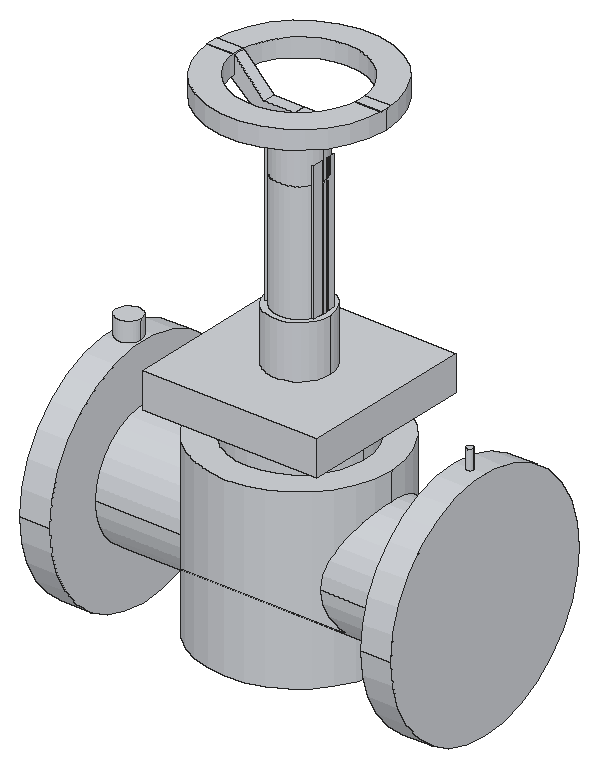
Revit family "Sigma_Compact_DN200-LF_PN16_RFA_2019", category Pipe Accessories, Revit 2019
Family settings
  Round Connector Dimension = Use Diameter
  Part Type = Valve - Breaks Into
  Work Plane-Based = No
  Always vertical = Yes
  Cut with Voids When Loaded = No
  Shared = No
Parameters (values of type "Sigma Compact DN 200 LF PN16")
  magiProductId = "bd9983fcf82240be8b5626661ef83b"
  magiProductFamilyId = "111bdfd32e424cd9a1e5f1ca7ea2b6"
  magiPartTypeId = 304
  isMeasuringValve [instance] = no
  ang2D [instance] = 0.00°
  W2D = 50 mm
  VersionID = "2.0/2018.12.13.2/FRESE_SIGMA_C_BIG_Q13_001"
  Use Minimum Symbol Size [instance] = no
  URL = "www.hydronix.cz"
  Type Comments = "přírubový; PN16; max dp=800kPa; 0~+110°C; max uzavírací tlak 1MPa"
  R4 = 105 mm
  R3 = 98.8 mm
  R1 = 150 mm
  QmdConnectorList = "301;D;302;D"
  Productdata [instance] = ""
  Manufacturer = "Hydronix"
  Maintenance Zone Under Depth [instance] = 100 mm
  Maintenance Zone Right Depth [instance] = 100 mm
  Maintenance Zone Over Depth [instance] = 100 mm
  Maintenance Zone Left Depth [instance] = 100 mm
  Maintenance Zone Front Depth [instance] = 100 mm
  Maintenance Zone Back Depth [instance] = 100 mm
  Maintenance Zone Front Visibility [instance] = no
  MC Use Limits From Balancing Method = no
  MC Throttling Minimum Value = 0
  MC Throttling Maximum Value = 0
  MC Product Code = "53-2406 DN200; PN16; (95000-210000 l/h); kvs=371"
  MC Pressure Drop Minimum Value = 0.0 Pa
  MC Pressure Drop Maximum Value = 0.0 Pa
  MC Piping Given Pressure Drop [instance] = 0.0 Pa
  LF__ve = -LF  # -48 mm
  LF2 = 24 mm
  LF = 48 mm
  L432 = 49.35 mm
  L43 = 98.7 mm
  L42 = 141 mm
  L4 = 282 mm
  L3 = 504 mm
  L2D_Min = 30.48 mm
  L2D = 230 mm
  L2 = 300 mm
  HH12 = 29.5 mm
  HH1 = 59 mm
  HDF__ve = -HDF  # -334 mm
  HDF = 334 mm
  H6 = 85 mm
  H4 = 57 mm
  H3 = 47.5 mm
  H2 = 142.5 mm
  H11 = 285 mm
  H1 = 853 mm
  H = 714 mm
  Description = "Automatický vyvažovací ventil"
  DF2 = 190 mm
  D = 200 mm
  Clearance Zone Height Depth [instance] = 100 mm
  Clearance Zone Circular Radius [instance] = 300 mm
  Clearance Zone Visibility [instance] = no
  CAT0 = yes
Types (9, lengths in mm): name | magiProductId | Type Comments | R4 | R3 | R1 | MC Product Code | LF__ve | LF2 | LF | L432 | L43 | L42 | L4 | L3 | L2 | HH12 | HH1 | HDF__ve | HDF | H4 | H3 | H2 | H11 | H1 | H | DF2 | D | Clearance Zone Circular Radius
  Sigma Compact DN 050 LF PN16 | "7ce002c265594233b83d195dc264f1" | "přírubový; PN16; max dp=800kPa; 0~+120°C; max uzavírací tlak 1MPa" | 40.25 | 42.9 | 57.5 | "53-2400 DN50; PN16; (2480-15000 l/h); kvs=34" | -18.4 | 9.2 | 18.4 | 18.917 | 37.835 | 54.05 | 108.1 | 193.2 | 115 | 16.5 | 33 | -202 | 202 | 24.75 | 20.625 | 61.875 | 123.75 | 480 | 367 | 82.5 | 50 | 115
  Sigma Compact DN 065 LF PN16 | "7b440009bc83499eb1c9a6fd3b4fee" | "přírubový; PN16; max dp=800kPa; 0~+120°C; max uzavírací tlak 1MPa" | 50.75 | 48.1 | 72.5 | "53-2401 DN65; PN16; (4380-25000 l/h); kvs=50" | -23.2 | 11.6 | 23.2 | 23.853 | 47.705 | 68.15 | 136.3 | 243.6 | 145 | 16.5 | 33 | -199 | 199 | 27.75 | 23.125 | 69.375 | 138.75 | 497 | 384 | 92.5 | 65 | 145
  Sigma Compact DN 080 LF PN16 | "c04670cd33374e61a046fccc79a79b" | "přírubový; PN16; max dp=800kPa; 0~+120°C; max uzavírací tlak 1MPa" | 54.25 | 52 | 77.5 | "53-2402 DN80; PN16; (5340-34000 l/h); kvs=68" | -24.8 | 12.4 | 24.8 | 25.497 | 50.995 | 72.85 | 145.7 | 260.4 | 155 | 16.5 | 33 | -213 | 213 | 30 | 25 | 75 | 150 | 526 | 413 | 100 | 80 | 155
  Sigma Compact DN 100 LF PN16 | "e9669c3b3cb042d39f52f9a3f8394b" | "přírubový; PN16; max dp=800kPa; 0~+120°C; max uzavírací tlak 1MPa" | 61.25 | 61.1 | 87.5 | "53-2403 DN100; PN16; (12100-68000 l/h); kvs=115" | -28 | 14 | 28 | 28.788 | 57.575 | 82.25 | 164.5 | 294 | 175 | 34 | 68 | -331 | 331 | 35.25 | 29.375 | 88.125 | 176.25 | 714 | 566 | 117.5 | 100 | 175
  Sigma Compact DN 125 LF PN16 | "72414964175c4f3999d5daaa67221e" | "přírubový; PN16; max dp=800kPa; 0~+120°C; max uzavírací tlak 1MPa" | 70 | 70.2 | 100 | "53-2404 DN125; PN16; (18500-110000 l/h); kvs=186" | -32 | 16 | 32 | 32.9 | 65.8 | 94 | 188 | 336 | 200 | 36.5 | 73 | -338 | 338 | 40.5 | 33.75 | 101.25 | 202.5 | 761 | 608 | 135 | 125 | 200
  Sigma Compact DN 150 LF PN16 | "cb5ac98de80a46389b4a96eb8539c2" | "přírubový; PN16; max dp=800kPa; 0~+110°C; max uzavírací tlak 1MPa" | 84 | 74.1 | 120 | "53-2405 DN150; PN16; (25600-148000 l/h); kvs=250" | -38.4 | 19.2 | 38.4 | 39.48 | 78.96 | 112.8 | 225.6 | 403.2 | 240 | 13 | 26 | -391 | 391 | 42.75 | 35.625 | 106.875 | 213.75 | 782 | 676 | 142.5 | 150 | 240
  Sigma Compact DN 200 LF PN16 | "bd9983fcf82240be8b5626661ef83b" | "přírubový; PN16; max dp=800kPa; 0~+110°C; max uzavírací tlak 1MPa" | 105 | 98.8 | 150 | "53-2406 DN200; PN16; (95000-210000 l/h); kvs=371" | -48 | 24 | 48 | 49.35 | 98.7 | 141 | 282 | 504 | 300 | 29.5 | 59 | -334 | 334 | 57 | 47.5 | 142.5 | 285 | 853 | 714 | 190 | 200 | 300
  Sigma Compact DN 250 LF PN16 | "6516628c9ce0481f89e5702e575104" | "přírubový; PN16; max dp=800kPa; 0~+110°C; max uzavírací tlak 1MPa" | 127.75 | 115.44 | 182.5 | "53-2407 DN250; PN16; (190000-475000 l/h); kvs=803" | -58.4 | 29.2 | 58.4 | 60.042 | 120.085 | 171.55 | 343.1 | 613.2 | 365 | 29 | 58 | -462 | 462 | 66.6 | 55.5 | 166.5 | 333 | 1044 | 906 | 222 | 250 | 365
  Sigma Compact DN 300 LF PN16 | "f16ecb3a8ad443e99405ecd1e4779a" | "přírubový; PN16; max dp=800kPa; 0~+110°C; max uzavírací tlak 1MPa" | 148.75 | 135.2 | 212.5 | "53-2408 DN300; PN16; (190000-475000 l/h); kvs=803" | -68 | 34 | 68 | 69.912 | 139.825 | 199.75 | 399.5 | 714 | 425 | 29 | 58 | -424 | 424 | 78 | 65 | 195 | 390 | 1082 | 944 | 260 | 300 | 425
Reference planes
  plane 1 "Center (Front/Back)": y = 0
  plane 2 "XYPLANE": z = 0
  plane 3 "Center (Left/Right)": x = 0
  plane 4 "298": y = -290
  plane 5 "297": y = 290
  plane 6 "296": y = -190
  plane 7 "295": y = 190
  plane 8 "294": z = -290
  plane 9 "293": z = 763
  plane 10 "292": x = -400
  plane 11 "291": x = 400
  plane 12 "290": z = 763
  plane 13 "256": y = -20
  plane 14 "254": z = 543.5
  plane 15 "253": z = 553.5
  plane 16 "252": x = -40
  plane 17 "251": x = -30
  plane 18 "250": x = 40
  plane 19 "249": x = 30
  plane 20 "247": z = 332
  plane 21 "244": z = 524
  plane 22 "243": x = 141
  plane 23 "242": x = 98.7
  plane 24 "241": x = 49.35
  plane 25 "240": y = -10
  plane 26 "238": x = -49.35
  plane 27 "237": x = -98.7
  plane 28 "236": z = 583
  plane 29 "235": z = 613
  plane 30 "234": x = -141
  plane 31 "225": z = 663
  plane 32 "224": z = -190
  plane 33 "157": x = 276
  plane 34 "156": x = -276
  plane 35 "155": z = 190
  plane 36 "154": z = 247
  plane 37 "153": z = 190
  plane 38 "152": z = 142.5
  plane 39 "151": x = -252
  plane 40 "150": z = -142.5
  plane 41 "149": x = 0
  plane 42 "148": y = 0
  plane 43 "147": z = 0
  plane 44 "146": x = -300
  plane 45 "145": x = 300
Forms (mm)
  Blend 1, solid, visible <- "Maintenance Zone Front Visibility"
    base sketch origin (-750, 0, 763) x (1, 0, 0) y (0, 1, 0)
      loop
        line (350, 290) -> (350, -290) -> (1150, -290) -> (1150, 290) -> (350, 290)
    top sketch origin (-750, 0, 763) x (1, 0, 0) y (0, 1, 0)
      loop
        line (350, 290) -> (350, -290) -> (1150, -290) -> (1150, 290) -> (350, 290)
    from 0 to -1053
  Blend 2, solid, visible <- "Clearance Zone Visibility"
    base sketch origin (-750, 0, 0) x (1, 0, 0) y (0, 1, 0)
      loop
        circle (750, 0) r 300
    top sketch origin (-750, 0, 0) x (1, 0, 0) y (0, 1, 0)
      loop
        circle (750, 0) r 300
    from 0 to 763
  Extrusion 3, solid
    sketch origin (-750, 0, 524) x (1, 0, 0) y (0, 1, 0)
      loop
        circle (750, 0) r 40.432
    from 0 to -334 <- "HDF__ve"
  Extrusion 4, solid
    sketch origin (-750, 0, 332) x (1, 0, 0) y (0, 1, 0)
      loop
        line (780, 20) -> (720, 20) -> (720, -20) -> (780, -20) -> (780, 20)
    from 0 to 25
  Extrusion 5, solid
    sketch origin (750, -20, 0) x (-1, 0, 0) y (0, 0, 1)
      loop
        line (790, 332) -> (790, 553.5) -> (710, 553.5) -> (710, 332) -> (720, 332) -> (720, 543.5) -> (780, 543.5) -> (780, 332) -> (790, 332)
    from 0 to 40
  Extrusion 6, solid
    sketch origin (-750, 0, 332) x (1, 0, 0) y (0, 1, 0)
      loop
        circle (750, 0) r 25
    from 0 to 30
  Extrusion 7, solid
    sketch origin (750, -10, 0) x (-1, 0, 0) y (0, 0, 1)
      loop
        line (848.7, 663) -> (799.35, 613) -> (750, 613) -> (750, 583) -> (799.35, 583) -> (891, 663) -> (848.7, 663)
    from 0 to 20
  Extrusion 8, solid
    sketch origin (750, -10, 0) x (-1, 0, 0) y (0, 0, 1)
      loop
        line (651.3, 663) -> (609, 663) -> (700.65, 583) -> (750, 583) -> (750, 613) -> (700.65, 613) -> (651.3, 663)
    from 0 to 20
  Extrusion 9, solid
    sketch origin (-750, 0, 524) x (1, 0, 0) y (0, 1, 0)
      loop
        circle (750, 0) r 40.432
    from 0 to 59 <- "HH1"
  Extrusion 10, solid
    sketch origin (-750, 0, 663) x (1, 0, 0) y (0, 1, 0)
      loop
        circle (750, 0) r 141
      loop
        circle (750, 0) r 98.7
    from 0 to -30
  Extrusion 11, solid, visible <- "CAT0"
    sketch origin (-750, 0, 190) x (1, 0, 0) y (0, 1, 0)
      loop
        circle (1026, 0) r 5.5
    from 0 to 30
  Extrusion 12, solid, visible <- "CAT0"
    sketch origin (-750, 0, 190) x (1, 0, 0) y (0, 1, 0)
      loop
        circle (474, 0) r 20.3
    from 0 to 30
  Extrusion 13, solid, visible <- "CAT0"
    sketch origin (-750, 0, 247) x (1, 0, 0) y (0, 1, 0)
      loop
        circle (750, 0) r 50.432
    from 0 to 85 <- "H6"
  Extrusion 14, solid, visible <- "CAT0"
    sketch origin (-750, 0, 190) x (1, 0, 0) y (0, 1, 0)
      loop
        line (891, 141) -> (609, 141) -> (609, -141) -> (891, -141) -> (891, 141)
    from 0 to 57 <- "H4"
  Extrusion 15, solid, visible <- "CAT0"
    sketch origin (-750, 0, 142.5) x (1, 0, 0) y (0, 1, 0)
      loop
        circle (750, 0) r 105
    from 0 to 47.5 <- "H3"
  Extrusion 16, solid, visible <- "CAT0"
    sketch origin (-252, -750, 0) x (0, 1, 0) y (0, 0, 1)
      loop
        circle (750, 0) r 98.8
    from 0 to 504 <- "L3"
  Extrusion 17, solid, visible <- "CAT0"
    sketch origin (-750, 0, -142.5) x (1, 0, 0) y (0, 1, 0)
      loop
        circle (750, 0) r 150
    from 0 to 285 <- "H11"
  Extrusion 18, solid, visible <- "CAT0"
    sketch origin (-300, -750, 0) x (0, 1, 0) y (0, 0, 1)
      loop
        circle (750, 0) r 190
    from 0 to 48 <- "LF"
  Extrusion 19, solid, visible <- "CAT0"
    sketch origin (300, -750, 0) x (0, 1, 0) y (0, 0, 1)
      loop
        circle (750, 0) r 190
    from 0 to -48 <- "LF__ve"
  Extrusion 20, solid, not visible
    sketch origin (-300, -750, 0) x (0, 1, 0) y (0, 0, 1)
      loop
        circle (750, 0) r 10
    from 0 to 10
  Extrusion 21, solid, not visible
    sketch origin (300, -750, 0) x (0, 1, 0) y (0, 0, 1)
      loop
        circle (750, 0) r 10
    from 0 to -10
Lines and regions (mm)
  reference lines, not visible
    curve 1: circle (2, 2, 0) r 1 normal (0, 0, 1)
  reference lines
    curve 2: circle (0, 0, 190) r 1 normal (0, 0, 1)
Dimensions and locks
  plane 1 "Center (Front/Back)" to curve 1 = 2 mm
  "Maintenance Zone Front Depth": plane 6 "296" to plane 4 "298"
  "Maintenance Zone Back Depth": plane 7 "295" to plane 5 "297"
  "DF2": plane 42 "148" to plane 6 "296"
  "DF2": plane 42 "148" to plane 7 "295"
  "Maintenance Zone Under Depth": plane 32 "224" to plane 8 "294"
  "Maintenance Zone Over Depth": plane 31 "225" to plane 9 "293"
  "Maintenance Zone Left Depth": plane 44 "146" to plane 10 "292"
  "Maintenance Zone Right Depth": plane 45 "145" to plane 11 "291"
  "Clearance Zone Height Depth": plane 31 "225" to plane 12 "290"
  locked: plane 25 "240" to plane 13 "256" at 10
  locked: plane 15 "253" to plane 14 "254" at 10
  "HH12": plane 21 "244" to plane 15 "253"
  locked: plane 17 "251" to plane 16 "252" at 10
  locked: plane 41 "149" to plane 17 "251" at 30
  locked: plane 19 "249" to plane 18 "250" at 10
  locked: plane 41 "149" to plane 19 "249" at 30
  "H6": plane 36 "154" to plane 20 "247"
  "H": plane 32 "224" to plane 21 "244"
  "L42": plane 41 "149" to plane 22 "243"
  "L43": plane 41 "149" to plane 23 "242"
  "L432": plane 41 "149" to plane 24 "241"
  locked: plane 42 "148" to plane 25 "240" at 10
  "L432": plane 41 "149" to plane 26 "238"
  "L43": plane 41 "149" to plane 27 "237"
  locked: plane 29 "235" to plane 28 "236" at 30
  locked: plane 31 "225" to plane 29 "235" at 50
  "L42": plane 41 "149" to plane 30 "234"
  "H1": plane 32 "224" to plane 31 "225"
  "DF2": plane 2 "XYPLANE" to plane 32 "224"
  "LF2": plane 45 "145" to plane 33 "157"
  "LF2": plane 44 "146" to plane 34 "156"
  "DF2": plane 2 "XYPLANE" to plane 35 "155"
  "H4": plane 37 "153" to plane 36 "154"
  "H3": plane 38 "152" to plane 37 "153"
  "H11": plane 40 "150" to plane 38 "152"
  "LF": plane 44 "146" to plane 39 "151"
  "H2": plane 2 "XYPLANE" to plane 40 "150"
  locked: plane 3 "Center (Left/Right)" to plane 41 "149"
  locked: plane 1 "Center (Front/Back)" to plane 42 "148"
  locked: plane 2 "XYPLANE" to plane 43 "147"
  "L2": plane 3 "Center (Left/Right)" to plane 44 "146"
  "L2": plane 3 "Center (Left/Right)" to plane 45 "145"
  Blend 1 sketch curve to Blend 1 sketch curve = 0 mm  (x16)
  Extrusion 4 sketch curve to Extrusion 4 sketch curve = 0 mm  (x8)
  Extrusion 5 sketch curve to Extrusion 5 sketch curve = 0 mm  (x16)
  Extrusion 7 sketch curve to Extrusion 7 sketch curve = 0 mm  (x12)
  Extrusion 8 sketch curve to Extrusion 8 sketch curve = 0 mm  (x12)
  equal spacing: Extrusion 14 sketch curve, curve 2, Extrusion 14 sketch curve  (x2)
  "L4": Extrusion 14 sketch curve to Extrusion 14 sketch curve  (x2)
  Extrusion 14 sketch curve to Extrusion 14 sketch curve = 0 mm  (x8)
  "Clearance Zone Circular Radius": radius of Blend 2 sketch curve  (x2)
  "L42": radius of Extrusion 10 sketch curve
  "L43": radius of Extrusion 10 sketch curve
  "R4": radius of Extrusion 15 sketch curve
  "R3": radius of Extrusion 16 sketch curve
  "R1": radius of Extrusion 17 sketch curve
  "DF2": radius of Extrusion 18 sketch curve
  "DF2": radius of Extrusion 19 sketch curve
  aligned and locked: level to plane 2 "XYPLANE"
  aligned and locked: Blend 1 sketch curve to plane 5 "297"  (x2)
  aligned and locked: plane 10 "292" to Blend 1 sketch curve  (x4)
  aligned and locked: plane 11 "291" to Blend 1 sketch curve  (x4)
  aligned and locked: plane 5 "297" to Blend 1 sketch curve  (x2)
  aligned and locked: plane 4 "298" to Blend 1 sketch curve  (x4)
  aligned and locked: Blend 1 to plane 8 "294"
  aligned and locked: plane 41 "149" to Blend 2 sketch curve  (x2)
  aligned and locked: plane 42 "148" to Blend 2 sketch curve  (x2)
  aligned and locked: plane 12 "290" to Blend 2
  aligned and locked: plane 41 "149" to Extrusion 3 sketch curve
  aligned and locked: plane 42 "148" to Extrusion 3 sketch curve
  aligned and locked: Extrusion 5 sketch curve to plane 16 "252"
  aligned and locked: plane 20 "247" to Extrusion 5 sketch curve  (x4)
  aligned and locked: plane 15 "253" to Extrusion 5 sketch curve  (x2)
  aligned and locked: plane 16 "252" to Extrusion 5 sketch curve
  aligned and locked: plane 18 "250" to Extrusion 5 sketch curve  (x2)
  aligned and locked: plane 19 "249" to Extrusion 5 sketch curve  (x2)
  aligned and locked: plane 14 "254" to Extrusion 5 sketch curve  (x2)
  aligned and locked: plane 17 "251" to Extrusion 5 sketch curve  (x2)
  aligned and locked: plane 41 "149" to Extrusion 6 sketch curve
  aligned and locked: plane 42 "148" to Extrusion 6 sketch curve
  aligned and locked: plane 27 "237" to Extrusion 7 sketch curve
  aligned and locked: plane 31 "225" to Extrusion 7 sketch curve  (x2)
  aligned and locked: plane 26 "238" to Extrusion 7 sketch curve  (x2)
  aligned and locked: plane 29 "235" to Extrusion 7 sketch curve  (x2)
  aligned and locked: plane 41 "149" to Extrusion 7 sketch curve  (x2)
  aligned and locked: plane 28 "236" to Extrusion 7 sketch curve  (x2)
  aligned and locked: plane 30 "234" to Extrusion 7 sketch curve
  aligned and locked: plane 23 "242" to Extrusion 8 sketch curve
  aligned and locked: plane 31 "225" to Extrusion 8 sketch curve  (x2)
  aligned and locked: plane 24 "241" to Extrusion 8 sketch curve  (x2)
  aligned and locked: plane 29 "235" to Extrusion 8 sketch curve  (x2)
  aligned and locked: plane 41 "149" to Extrusion 8 sketch curve  (x2)
  aligned and locked: plane 28 "236" to Extrusion 8 sketch curve  (x2)
  aligned and locked: plane 22 "243" to Extrusion 8 sketch curve
  aligned and locked: plane 41 "149" to Extrusion 9 sketch curve
  aligned and locked: plane 42 "148" to Extrusion 9 sketch curve
  aligned and locked: plane 41 "149" to Extrusion 10 sketch curve  (x2)
  aligned and locked: plane 42 "148" to Extrusion 10 sketch curve  (x2)
  aligned and locked: plane 33 "157" to Extrusion 11 sketch curve
  aligned and locked: plane 42 "148" to Extrusion 11 sketch curve
  aligned and locked: plane 34 "156" to Extrusion 12 sketch curve
  aligned and locked: plane 42 "148" to Extrusion 12 sketch curve
  aligned and locked: plane 41 "149" to Extrusion 13 sketch curve
  aligned and locked: plane 42 "148" to Extrusion 13 sketch curve
  aligned and locked: plane 41 "149" to curve 2
  aligned and locked: plane 42 "148" to curve 2
  aligned and locked: plane 41 "149" to Extrusion 15 sketch curve
  aligned and locked: plane 42 "148" to Extrusion 15 sketch curve
  aligned and locked: Extrusion 16 sketch curve to plane 42 "148"
  aligned and locked: plane 43 "147" to Extrusion 16 sketch curve
  aligned and locked: plane 41 "149" to Extrusion 17 sketch curve
  aligned and locked: plane 42 "148" to Extrusion 17 sketch curve
  aligned and locked: Extrusion 18 sketch curve to plane 42 "148"
  aligned and locked: plane 43 "147" to Extrusion 18 sketch curve
  aligned and locked: Extrusion 19 sketch curve to plane 42 "148"
  aligned and locked: plane 43 "147" to Extrusion 19 sketch curve
  aligned and locked: Extrusion 20 sketch curve to plane 42 "148"
  aligned and locked: plane 43 "147" to Extrusion 20 sketch curve
  aligned and locked: Extrusion 21 sketch curve to plane 42 "148"
  aligned and locked: plane 43 "147" to Extrusion 21 sketch curve
Automatic sketch dimensions
  plane 26 "238" to Extrusion 3 sketch curve = 8.917 mm
  Extrusion 4 sketch curve to plane 17 "251" = 0 mm
  Extrusion 4 sketch curve to plane 13 "256" = 0 mm
  Extrusion 4 sketch curve to plane 19 "249" = 0 mm
  Extrusion 4 sketch curve to plane 1 "Center (Front/Back)" = 20 mm
  plane 17 "251" to Extrusion 6 sketch curve = 5 mm
  plane 26 "238" to Extrusion 9 sketch curve = 8.917 mm
  Extrusion 11 sketch curve to plane 33 "157" = 5.5 mm
  plane 44 "146" to Extrusion 12 sketch curve = 3.7 mm
  Extrusion 13 sketch curve to plane 26 "238" = 1.083 mm
  Extrusion 20 sketch curve to plane 25 "240" = 0 mm
  Extrusion 21 sketch curve to plane 25 "240" = 0 mm
  plane 3 "Center (Left/Right)" to curve 1 = 2 mm
  Extrusion 14 sketch curve to plane 30 "234" = 0 mm
  plane 6 "296" to Extrusion 14 sketch curve = 49 mm
  radius of curve 2 = 1 mm
  radius of curve 1 = 1 mm
Connectors
  piping at (-300, 0, 0), diameter 200, driven by "D"
    settings: on Extrusion 20, index 1, connector inside diameter 609.6 mm, connector length 0 mm, flow factor 0, pipe flow 0.0 L/s, pressure drop 0.0 Pa, fitting loss kfactor 0, connector angle 0.00°, fixture units 0, engagement length 0 mm, angle of deflection 0.00°, flow configuration 0, flow direction 0, fitting loss method 0, system type 29, joint type 0, gender type 0, connector reference index 2, connector utility 0, adjustable connector no, is connector primary yes, connector description ""
  piping at (300, 0, 0), diameter 200, driven by "D"
    settings: on Extrusion 21, index 2, connector inside diameter 609.6 mm, connector length 0 mm, flow factor 0, pipe flow 0.0 L/s, pressure drop 0.0 Pa, fitting loss kfactor 0, connector angle 0.00°, fixture units 0, engagement length 0 mm, angle of deflection 0.00°, flow configuration 0, flow direction 0, fitting loss method 0, system type 29, joint type 0, gender type 0, connector reference index 1, connector utility 0, adjustable connector no, is connector primary no, connector description ""
